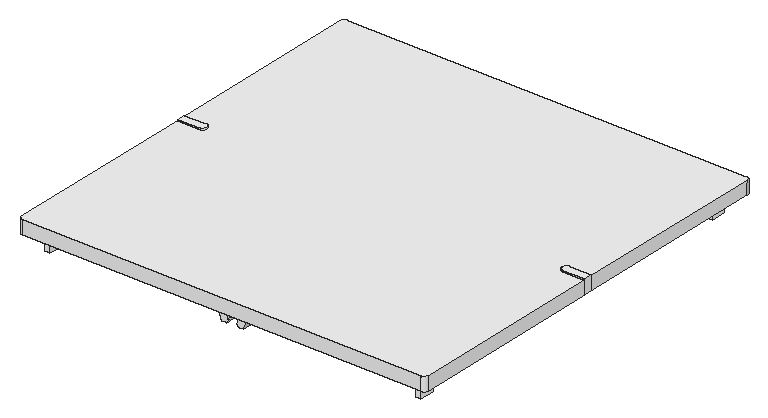
Revit family "Gira_502112", category Electrical Fixtures, host Face, Revit 2017
Family settings
  Host = Face
  Maintain Annotation Orientation = No
  Round Connector Dimension = Use Diameter
  Part Type = Normal
  Cut with Voids When Loaded = No
  Shared = No
  Room Calculation Point = No
Parameters (values of type "rocker set 1-g PB sens.4 TS4 white gl.")
  URL = "https://www.gira.de/"
  Type Comments = ""
  Transparent = no
  Radio frequent bidirectional = no
  Model = ""
  Material = "Glass"
  Manufacturer = "Gira"
  Keynote = ""
  HeinzeBIM = "https://www.heinze.de/bim/rocker-set-1-g-pb-sens-4-ts4-white-gl-/81f7e5b2e8a2765c84720868eaa15d83009ab7a7"
  HAN = "502112"
  GTIN = "4010337072058"
  Description = ""
  Default Elevation = 1219.2 mm
  Cost = 0
  Colour = "White"
  BIMSITE_PRODUCT_ID = "81f7e5b2e8a2765c84720868eaa15d83009ab7a7"
  BIM = "https://media.live.bim.site/t/eyJhbGciOiJIUzI1NiIsInR5cCI6IkpXVCJ9.eyJjdCI6MSwidGYiOiJwdWJsaWMvZ2lyYS8wOWY1ZGI1LzQwXzUwMjEwMCBUUzQgV2lwcGVuc2V0IDFmYWNoLnJmYSIsImNpZCI6ImZlZDk4ZTlhLTFiZDgtNGM2OC1hNzNiLTc0YTk0ZTMxNTgyMyIsInJpZCI6IjIzMjFlM2IyNDI4MmQ4OWIwYjNmMTZmMDI3Njg2Y2UzIiwicGlkIjoiODFmN2U1YjJlOGEyNzY1Yzg0NzIwODY4ZWFhMTVkODMwMDlhYjdhNyIsInNpZCI6IjYzNDcwIiwidXQiOjUsImxjIjoiZW4iLCJpYXQiOjE2MDc0Mzg2NTYsImlzcyI6Imh0dHBzOi8vYXBpLmxpdmUuYmltLnNpdGUiLCJzdWIiOiI4ZDNhYTVjYi1lMDY2LTQ1OTgtYmUxNi02ZTE2ZWU3NDk1NmEifQ.vkSz2HKnsnsryRt2i-s1dZja1IjgFkvbh8rlANcsjoc/40_502100 TS4 Wippenset 1fach.rfa"
  Assembly Code = ""
Reference planes
  plane 1 "Center (Front/Back)": y = 0
  plane 2: z = 0
  plane 3 "Center (Left/Right)": x = 0
Lines and regions (mm)
  reference lines
    curve 1: line (0, 47.5, 0) -> (0, -47.5, 0)
Dimensions and locks
  aligned and locked: plane 2 to host face
  aligned and locked: level to host face
Nested families
  nested 1: "40_502100 TS4 Wippenset 1fach" at (0, 0, 0), type "40_502100 TS4 Wippenset 1fach"
Definition of nested family "40_502100 TS4 Wippenset 1fach"
  Parameters
    White = none
  Reference planes
    plane 1 "Center (Front/Back)": y = 0
    plane 2: z = 0
    plane 3 "Center (Left/Right)": x = 0
  Forms (mm)
    Extrusion 1, solid, material <- "White", detail levels fine
      sketch origin (0, 0, 0) x (1, 0, 0) y (0, 1, 0)
        loop
          arc (-46.5, 47.5) -> (-47.207, 47.207) -> (-47.5, 46.5) r 1
          line (-47.5, 46.5) -> (-47.5, 1) -> (-42.5, 1)
          arc (-42.5, 1) -> (-41.5, 0) -> (-42.5, -1) r 1
          line (-42.5, -1) -> (-47.5, -1) -> (-47.5, -46.5)
          arc (-47.5, -46.5) -> (-47.207, -47.207) -> (-46.5, -47.5) r 1
          line (-46.5, -47.5) -> (46.5, -47.5)
          arc (46.5, -47.5) -> (47.207, -47.207) -> (47.5, -46.5) r 1
          line (47.5, -46.5) -> (47.5, -1) -> (42.5, -1)
          arc (42.5, -1) -> (41.5, 0) -> (42.5, 1) r 1
          line (42.5, 1) -> (47.5, 1) -> (47.5, 46.5)
          arc (47.5, 46.5) -> (47.207, 47.207) -> (46.5, 47.5) r 1
          line (46.5, 47.5) -> (-46.5, 47.5)
      from 0 to 3.1
    Extrusion 2, solid, material <- "White", detail levels fine
      sketch origin (0, 0, 0) x (1, 0, 0) y (0, 1, 0)
        loop
          line (43.976, 44.188) -> (-43.976, 44.188) -> (-43.976, -44.188) -> (43.976, -44.188) -> (43.976, 44.188)
      from 0 to -1.5
    Extrusion 3, solid, detail levels fine
      sketch origin (0, 0, 0) x (1, 0, 0) y (0, 0, 1)
        loop
          arc (-1.639, -4) -> (-1.115, -3.694) -> (-1.122, -3.087) r 0.603
          arc (-1.122, -3.087) -> (-0.011, -1.666) -> (1.122, -3.087) r 1.145
          arc (1.122, -3.087) -> (1.115, -3.694) -> (1.639, -4) r 0.603
          line (1.639, -4) -> (2.5, -4) -> (3.5, -1.5) -> (-3.5, -1.5) -> (-2.5, -4) -> (-1.639, -4)
      from 41.985 to 44.199
    Extrusion 4, solid, detail levels fine
      sketch origin (0, 0, 0) x (1, 0, 0) y (0, 0, -1)
        loop
          line (-1.639, 4) -> (-2.5, 4) -> (-3.5, 1.5) -> (3.5, 1.5) -> (2.5, 4) -> (1.639, 4)
          arc (1.639, 4) -> (1.115, 3.694) -> (1.122, 3.087) r 0.603
          arc (1.122, 3.087) -> (-0.011, 1.666) -> (-1.122, 3.087) r 1.145
          arc (-1.122, 3.087) -> (-1.115, 3.694) -> (-1.639, 4) r 0.603
      from 41.985 to 44.199
    Extrusion 5, solid, material <- "White", detail levels medium
      sketch origin (0, 0, 0) x (1, 0, 0) y (0, 1, 0)
        loop
          line (43.976, 44.188) -> (-43.976, 44.188) -> (-43.976, -44.188) -> (43.976, -44.188) -> (43.976, 44.188)
      from 0 to -4
    Extrusion 6, solid, material <- "White", detail levels medium
      sketch origin (0, 0, 0) x (1, 0, 0) y (0, 1, 0)
        loop
          line (-47.5, 47.5) -> (-47.5, -47.5) -> (47.5, -47.5) -> (47.5, 47.5) -> (-47.5, 47.5)
      from 0 to 3.3
    Extrusion 7, solid, material <- "White", detail levels fine
      sketch origin (0, 0, 0) x (1, 0, 0) y (0, 1, 0)
        loop
          line (-43.976, 44.188) -> (-43.976, 40.908) -> (-42.655, 40.908) -> (-42.655, 44.188) -> (-43.976, 44.188)
        loop
          line (43.976, 44.188) -> (42.655, 44.188) -> (42.655, 40.908) -> (43.976, 40.908) -> (43.976, 44.188)
        loop
          line (-43.976, -44.188) -> (-42.655, -44.188) -> (-42.655, -40.908) -> (-43.976, -40.908) -> (-43.976, -44.188)
        loop
          line (43.976, -44.188) -> (43.976, -40.908) -> (42.655, -40.908) -> (42.655, -44.188) -> (43.976, -44.188)
      from 0 to -4
    Extrusion 8, solid, detail levels fine
      sketch origin (0, 0, 0) x (1, 0, 0) y (0, 1, 0)
        loop
          line (-47.5, 1) -> (-47.5, -1) -> (-42.5, -1)
          arc (-42.5, -1) -> (-41.5, 0) -> (-42.5, 1) r 1
          line (-42.5, 1) -> (-47.5, 1)
        loop
          line (47.5, 1) -> (42.5, 1)
          arc (42.5, 1) -> (41.5, 0) -> (42.5, -1) r 1
          line (42.5, -1) -> (47.5, -1) -> (47.5, 1)
      from 0 to 3.3
    Extrusion 9, solid, detail levels coarse
      sketch origin (0, 0, 0) x (1, 0, 0) y (0, 1, 0)
        loop
          line (-47.5, 47.5) -> (-47.5, -47.5) -> (47.5, -47.5) -> (47.5, 47.5) -> (-47.5, 47.5)
      from -4 to 3.3
    Extrusion 10, solid, material <- "White", detail levels fine
      sketch origin (0, 0, 0) x (1, 0, 0) y (0, 1, 0)
        loop
          line (-41.852, 6.181) -> (-43.976, 4.461) -> (-43.976, -4.461) -> (-41.852, -6.181)
          arc (-41.852, -6.181) -> (-38.884, -6.014) -> (-38.763, -3.043) r 2.212
          line (-38.763, -3.043) -> (-38.763, 3.043)
          arc (-38.763, 3.043) -> (-38.884, 6.014) -> (-41.852, 6.181) r 2.212
        loop
          arc (-39.415, 3.847) -> (-39.669, 5.38) -> (-41.223, 5.404) r 1.212
          line (-41.223, 5.404) -> (-42.938, 4.015) -> (-40.57, 1.883) -> (-39.415, 3.847)
        loop
          line (-39.415, -3.847) -> (-40.57, -1.883) -> (-42.938, -4.015) -> (-41.223, -5.404)
          arc (-41.223, -5.404) -> (-39.669, -5.38) -> (-39.415, -3.847) r 1.212
        loop
          arc (41.852, 6.181) -> (38.884, 6.014) -> (38.763, 3.043) r 2.212
          line (38.763, 3.043) -> (38.763, -3.043)
          arc (38.763, -3.043) -> (38.884, -6.014) -> (41.852, -6.181) r 2.212
          line (41.852, -6.181) -> (43.976, -4.461) -> (43.976, 4.461) -> (41.852, 6.181)
        loop
          line (39.415, 3.847) -> (40.57, 1.883) -> (42.938, 4.015) -> (41.223, 5.404)
          arc (41.223, 5.404) -> (39.669, 5.38) -> (39.415, 3.847) r 1.212
        loop
          arc (39.415, -3.847) -> (39.669, -5.38) -> (41.223, -5.404) r 1.212
          line (41.223, -5.404) -> (42.938, -4.015) -> (40.57, -1.883) -> (39.415, -3.847)
      from 0 to -3.1
  Cuts and joins
    joined: Extrusion 2, Extrusion 7, Extrusion 10
  Dimensions and locks
    aligned and locked: level to plane 2
